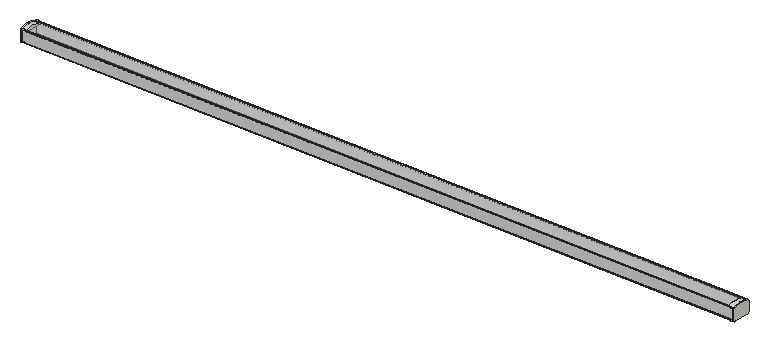
Revit family "3036975+3036930 Sylvania Lighting Fixture LUMISTRIP HO IP65 5M NW with LUMISTRIP ALU PROFILE OPAL 1M", category Lighting Fixtures, host Face, Revit 2017
Family settings
  Host = Face
  Round Connector Dimension = Use Diameter
  Part Type = Normal
  OmniClass Number = 23.80.70.00
  OmniClass Title = Lighting
  Cut with Voids When Loaded = No
  Light Source = Yes
  Shared = No
  Room Calculation Point = No
Parameters (values of type "3036975+3036930 LUMISTRIP HO IP65 5M NW with LUMISTRIP ALU PROFILE OPAL 1M")
  Weight = ""
  Wattage Comments = "n/a"
  Wattage = 0 W
  WarrantyStartDate [instance] = "n/a"
  WarrantyGuarantorParts = "n/a"
  WarrantyDurationUnit = "n/a"
  WarrantyDurationParts = "n/a"
  WarrantyDescription = "n/a"
  built-in parameter 1150110 = 1 (stored number, unit not read)
  Voltage = 24 V
  URL = "http://www.sylvania-lighting.com"
  TypeName = "LUMISTRIP HO IP65 5M NW with LUMISTRIP ALU PROFILE OPAL 1M"
  Type Image = <None>
  Type Comments = "n/a"
  built-in parameter 1114217 = 1 (stored number, unit not read)
  Tilt Angle = -90.00°
  built-in parameter 1150109 = 1 (stored number, unit not read)
  built-in parameter 1150134 = 12
  built-in parameter 1150113 = 1 (stored number, unit not read)
  SerialNumber [instance] = "n/a"
  ReflectorMaterial = none
  PowerFactor = 0
  PowerConsumption = ""
  Photometric Web File = "3036975.ies"
  NominalLength = 5000 mm
  NominalHeight = 4 mm
  NominalDepth = 14 mm
  Name = "LUMISTRIP HO IP65 5M NW with LUMISTRIP ALU PROFILE OPAL 1M"
  ModelReference = Name  # "LUMISTRIP HO IP65 5M NW with LUMISTRIP ALU PROFILE OPAL 1M"
  ModelNumber = "3036975+3036930"
  Model = Name  # "LUMISTRIP HO IP65 5M NW with LUMISTRIP ALU PROFILE OPAL 1M"
  Material = "silicon housing, silicon diffuser"
  ManufacturerName = "Feilo Sylvania"
  Manufacturer = "Feilo Sylvania"
  LuminousEfficacy = "85.60 lm/W"
  built-in parameter 1150105 = (empty or 0)
  Lumens = 0 lm
  LuminaireType = ""
  built-in parameter 1150115 = 1 (stored number, unit not read)
  LightOutputRatio = "100"
  built-in parameter 1150137 = (empty or 0)
  built-in parameter 1150139 = (empty or 0)
  LampsType = Lamp  # "LED"
  LampNominalLuminous = ""
  LampMacAdamStep = "n/a"
  LampColourTemperature = "4000 K"
  LampColourRenderingIndex = "80"
  built-in parameter 1150112 = 1 (stored number, unit not read)
  built-in parameter 1150114 = 1 (stored number, unit not read)
  Lamp = "LED"
  Keynote = "16500"
  InstallationDate [instance] = "n/a"
  InputVoltage = "24V DC"
  InputNominalFrequency = "n/a"
  built-in parameter 1150132 = (empty or 0)
  built-in parameter 1150102 = (empty or 0)
  built-in parameter 1150107 = 4000 (stored number, unit not read)
  built-in parameter 1150138 = (empty or 0)
  IngressProtection = "IP65"
  ImpactProtectionIndex = "n/a"
  built-in parameter 1150106 = (empty or 0)
  IfcExportType = "IfcLightFixtureType"
  IfcExportAs = "IfcLightFixtureType"
  ExpectedLife = 50000
  EndCapOverhangL_FEILO = 6 mm
  EndCapOverhangR_FEILO = -EndCapOverhangL_FEILO  # -6 mm
  Emit from Rectangle Width = BodyWidth_FEILO  # 25 mm
  Emit from Rectangle Length = BodyLength_FEILO - 16 mm  # 984 mm
  Emit Shape Visible in Rendering = no
  ElectricShockClassification = "Class III"
  built-in parameter 1150104 = 7.9534 (stored number, unit not read)
  DurationUnit = "hours"
  DocumentationLiterature = "http://www.sylvania-lighting.com/product/en-int/products/3036975"
  DimmingControlOptions = "n/a"
  Dimming Lamp Color Temperature Shift = <None>
  DiffuserMaterial = Diffuser-Sylvania-Lumistrip-Transparent
  DiffuserCutOff_FEILO = 8 mm
  Description = ""
  Default Elevation = 1219.2 mm
  CreatedOn = "6/22/2018"
  CreatedBy = ""
  Cost = 0
  Color Filter = 16777215
  built-in parameter 1114216 [instance] = (empty or 0)
  ClassificationValue = "EF_70_80"
  ClassificationName = "Uniclass2015"
  BodyWidth_FEILO = 25 mm
  BodyThickness_FEILO = 1.2 mm
  BodyMaterial = Body-Sylvania-Lumistrip-Aluminium
  BodyLength_FEILO = 1000 mm
  BodyHeight_FEILO = 18.5 mm
  BodyFilletBottom_FEILO = BodyThickness_FEILO  # 1.2 mm
  BodyFilletTop_FEILO = BodyThickness_FEILO / 2  # 0.6 mm
  BarCode [instance] = "n/a"
  built-in parameter 1114218 = 1 (stored number, unit not read)
  built-in parameter 1150133 = 10 (stored number, unit not read)
  AssetType = "Fixed"
  AssetIdentifier [instance] = "n/a"
  Assembly Code = "D5020200"
  Apparent Load = 82 VA
  AccessoryMaterial = Body-Sylvania-Lumistrip-PC
Reference planes
  plane 1 "Center (Front/Back)": y = 0
  plane 2: z = 0
  plane 3 "Center (Left/Right)": x = 0
  plane 4: x = 500
  plane 5: x = -500
  plane 6: y = 12.5
  plane 7: y = -12.5
  plane 8: z = 18.5
  plane 9: z = 17
  plane 10: x = -498
  plane 11: x = 498
  plane 12: y = -11.3
  plane 13: y = 11.3
  plane 14: z = 1.2
  plane 15: z = 16.4
  plane 16: x = -492
  plane 17: x = 492
  plane 18: z = 15
Forms (mm)
  Extrusion 1, solid, material "Body-Sylvania-Lumistrip-Aluminium" <- "BodyMaterial"
    sketch origin (0, 0, 0) x (0, 1, 0) y (0, 0, 1)
      loop
        arc (11.3, 0) -> (12.149, 0.351) -> (12.5, 1.2) r 1.2
        line (12.5, 1.2) -> (12.5, 16.4)
        arc (12.5, 16.4) -> (11.9, 17) -> (11.3, 16.4) r 0.6
        line (11.3, 16.4) -> (11.3, 1.2) -> (-11.3, 1.2) -> (-11.3, 16.4)
        arc (-11.3, 16.4) -> (-11.9, 17) -> (-12.5, 16.4) r 0.6
        line (-12.5, 16.4) -> (-12.5, 1.2)
        arc (-12.5, 1.2) -> (-12.149, 0.351) -> (-11.3, 0) r 1.2
        line (-11.3, 0) -> (11.3, 0)
    from -498 to 498
  Extrusion 2, solid, material "Diffuser-Sylvania-Lumistrip-Transparent" <- "DiffuserMaterial"
    sketch origin (0, 0, 0) x (0, 1, 0) y (0, 0, 1)
      loop
        line (-11.3, 16.4) -> (-11.3, 15) -> (11.3, 15) -> (11.3, 16.4)
        arc (11.3, 16.4) -> (0, 18.5) -> (-11.3, 16.4) r 31.452
    from -492 to 492
  Extrusion 3, solid, material "Body-Sylvania-Lumistrip-PC" <- "AccessoryMaterial"
    sketch origin (-500, 1524, 1219.2) x (0, 1, 0) y (0, 0, 1)
      loop
        arc (-1512.274, -1202.968) -> (-1524.257, -1200.701) -> (-1536.202, -1203.163) r 31.452
        arc (-1536.202, -1203.163) -> (-1536.423, -1203.532) -> (-1536.5, -1203.955) r 1.2
        line (-1536.5, -1203.955) -> (-1536.5, -1218)
        arc (-1536.5, -1218) -> (-1536.149, -1218.849) -> (-1535.3, -1219.2) r 1.2
        line (-1535.3, -1219.2) -> (-1512.7, -1219.2)
        arc (-1512.7, -1219.2) -> (-1511.851, -1218.849) -> (-1511.5, -1218) r 1.2
        line (-1511.5, -1218) -> (-1511.5, -1204.112)
        arc (-1511.5, -1204.112) -> (-1511.712, -1203.422) -> (-1512.274, -1202.968) r 1.234
    from 0 to 2
  Extrusion 4, solid, material "Body-Sylvania-Lumistrip-PC" <- "AccessoryMaterial"
    sketch origin (-498, 1524, 1219.2) x (0, 1, 0) y (0, 0, 1)
      loop
        line (-1535.3, -1204.2) -> (-1512.7, -1204.2) -> (-1512.7, -1202.8)
        arc (-1512.7, -1202.8) -> (-1524, -1200.7) -> (-1535.3, -1202.8) r 31.452
        line (-1535.3, -1202.8) -> (-1535.3, -1204.2)
    from 0 to 6 <- "EndCapOverhangL_FEILO"
  Extrusion 5, solid, material "Body-Sylvania-Lumistrip-PC" <- "AccessoryMaterial"
    sketch origin (500, 1524, 1219.2) x (0, 1, 0) y (0, 0, 1)
      loop
        line (-1535.3, -1219.2) -> (-1512.7, -1219.2)
        arc (-1512.7, -1219.2) -> (-1511.851, -1218.849) -> (-1511.5, -1218) r 1.2
        line (-1511.5, -1218) -> (-1511.5, -1204.09)
        arc (-1511.5, -1204.09) -> (-1511.706, -1203.418) -> (-1512.252, -1202.977) r 1.2
        arc (-1512.252, -1202.977) -> (-1524, -1200.7) -> (-1535.748, -1202.977) r 31.452
        arc (-1535.748, -1202.977) -> (-1536.294, -1203.418) -> (-1536.5, -1204.09) r 1.2
        line (-1536.5, -1204.09) -> (-1536.5, -1218)
        arc (-1536.5, -1218) -> (-1536.149, -1218.849) -> (-1535.3, -1219.2) r 1.2
    from 0 to -2
  Extrusion 6, solid, material "Body-Sylvania-Lumistrip-PC" <- "AccessoryMaterial"
    sketch origin (498, 1524, 1219.2) x (0, 1, 0) y (0, 0, 1)
      loop
        line (-1535.3, -1204.2) -> (-1512.7, -1204.2) -> (-1512.7, -1202.8)
        arc (-1512.7, -1202.8) -> (-1524, -1200.7) -> (-1535.3, -1202.8) r 31.452
        line (-1535.3, -1202.8) -> (-1535.3, -1204.2)
    from 0 to -6 <- "EndCapOverhangR_FEILO"
Cuts and joins
  joined: Extrusion 3, Extrusion 4
  joined: Extrusion 5, Extrusion 6
Dimensions and locks
  "BodyLength_FEILO": plane 5 to plane 4
  equal spacing: plane 5, plane 3 "Center (Left/Right)", plane 4
  "BodyWidth_FEILO": plane 7 to plane 6
  plane 7 to plane 6 = 25 mm
  "BodyHeight_FEILO": plane 8 to plane 2
  locked: plane 9 to plane 8 at 1.5
  equal spacing: plane 10, plane 3 "Center (Left/Right)", plane 11
  locked: plane 5 to plane 10 at 2
  equal spacing: plane 12, plane 1 "Center (Front/Back)", plane 13
  "BodyThickness_FEILO": plane 7 to plane 12
  "BodyThickness_FEILO": plane 14 to plane 2
  "BodyFilletTop_FEILO": plane 15 to plane 9
  "BodyFilletTop_FEILO": plane 7 to Extrusion 1 sketch curve
  "BodyFilletTop_FEILO": plane 13 to Extrusion 1 sketch curve
  equal spacing: plane 16, plane 3 "Center (Left/Right)", plane 17
  "DiffuserCutOff_FEILO": plane 5 to plane 16
  locked: plane 18 to plane 9 at 2
  locked: Extrusion 2 sketch curve to plane 8 at 31.452
  "BodyFilletBottom_FEILO": radius of Extrusion 1 sketch curve  (x2)
  "BodyFilletBottom_FEILO": radius of Extrusion 3 sketch curve  (x3)
  radius of Extrusion 3 sketch curve = 1.234 mm
  "BodyFilletBottom_FEILO": radius of Extrusion 5 sketch curve  (x4)
  aligned and locked: plane 2 to host face
  aligned and locked: level to host face
  aligned and locked: level to Extrusion 1 sketch curve
  aligned and locked: plane 12 to Extrusion 1 sketch curve  (x2)
  aligned and locked: plane 14 to Extrusion 1 sketch curve
  aligned and locked: plane 6 to Extrusion 1 sketch curve
  aligned and locked: plane 11 to Extrusion 1
  aligned and locked: Extrusion 1 to plane 10
  aligned and locked: plane 15 to Extrusion 1 sketch curve  (x6)
  aligned and locked: Extrusion 1 sketch curve to plane 7
  aligned and locked: Extrusion 1 sketch curve to plane 13
  aligned and locked: Extrusion 1 to Extrusion 2 sketch curve
  aligned and locked: plane 18 to Extrusion 2 sketch curve
  aligned and locked: Extrusion 2 sketch curve to plane 13
  aligned and locked: plane 1 "Center (Front/Back)" to Extrusion 2 sketch curve
  aligned and locked: plane 17 to Extrusion 2
  aligned and locked: Extrusion 2 to plane 16
  aligned and locked: Extrusion 3 sketch curve to Extrusion 2
  aligned and locked: Extrusion 1 to Extrusion 3 sketch curve  (x3)
  aligned and locked: plane 10 to Extrusion 3
  aligned and locked: Extrusion 3 to plane 5
  aligned and locked: Extrusion 4 sketch curve to Extrusion 2  (x4)
  aligned and locked: Extrusion 4 to plane 10
  aligned and locked: Extrusion 5 sketch curve to plane 6
  aligned and locked: Extrusion 5 sketch curve to level
  aligned and locked: Extrusion 5 sketch curve to Extrusion 2
  aligned and locked: Extrusion 5 to plane 11
  aligned and locked: plane 4 to Extrusion 5
  aligned and locked: Extrusion 6 sketch curve to cut or joined group of Extrusion 3, Extrusion 4  (x4)
  aligned and locked: plane 11 to Extrusion 6
  aligned and locked: imposter light to plane 8
  aligned and locked: imposter light to plane 1 "Center (Front/Back)"
  aligned and locked: plane 3 "Center (Left/Right)" to imposter light
Automatic sketch dimensions
  host sketch curve to host sketch curve = 2438.4 mm  (x2)
  plane 15 to Extrusion 2 sketch curve = 0 mm
  Extrusion 3 sketch curve to plane 18 = 0.088 mm
  Extrusion 3 sketch curve to plane 18 = 0.245 mm
  Extrusion 5 sketch curve to plane 7 = 0 mm
  Extrusion 5 sketch curve to plane 18 = 0.11 mm  (x2)
Connectors
  electrical at (0, 0, 0), driven by "Apparent Load", driven by "PowerFactor", driven by "Voltage"
    settings: index 1, voltage 24 V, apparent load 82 VA, apparent load phase1 0 VA, apparent load phase2 0 VA, apparent load phase3 0 VA, power factor 0, load classification "Lighting", number of poles 1, system type 30, power factor state 1, is connector primary yes, connector utility no, sub classification motor no, connector description ""
